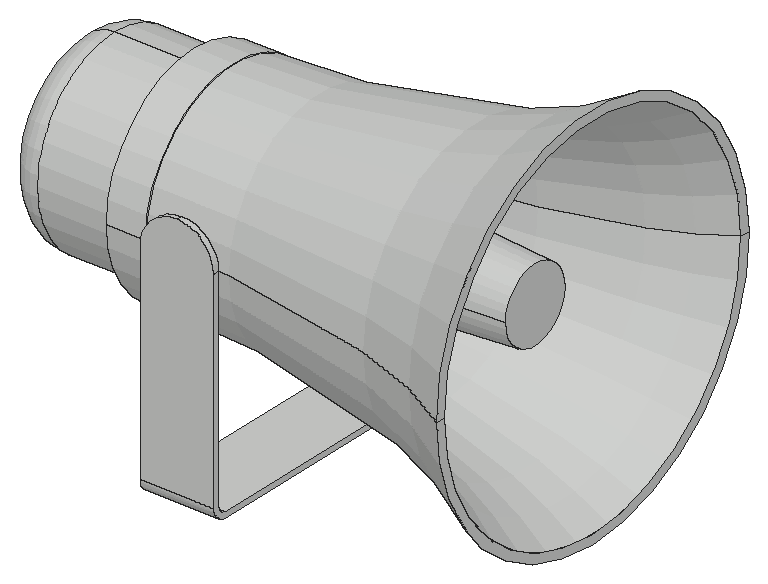
Revit family "FONESTAR_Altavoz_Exponencial_Exterior_EN-54", category Dispositivos de comunicación, Revit 2019
Family settings
  Mantener orientación de anotación = No
  Cota de conector redondo = Diámetro de uso
  Tipo de pieza = Normal
  Se basa en plano de trabajo = Sí
  Siempre vertical = No
  Corte con vacíos al cargar = No
  Compartido = No
  Punto de cálculo de habitación = No
Parameters (values of type "FE-2010T-EN")
  Ángulo.Vertical [instance] = 0.00°
  Version = "R0"  # constant formula
  URL.Product = "https://fonestar.com/es/FE-2010T-EN"
  URL = "https://fonestar.com/es"
  Soporte.Material = Plástico ABS - Gris RAL(7035)
  Soporte.Longitud = Cuerpo.Diámetro.Interior + 2 * Base.Soporte.Espesor  # 124 mm
  Soporte.Anchura = 40 mm
  Soporte.Espesor = 3 mm
  Soporte.Altura = Altura + (Soporte.Anchura / 2)  # 142 mm
  Reviewed by = "TAG"  # constant formula
  Respuesta Acústica = "340-9.000 Hz"
  Rejilla.Espesor = 2 mm
  Protección IP = "IP-66"
  Potencia Acústica = "30 W RMS"
  Peso = "2,1 Kg"
  Origen [instance] = no
  Modified by = "XPV"  # constant formula
  Modelo = "FE-2010T-EN"
  Lente.Espesor = 5 mm
  Fabricante = "FONESTAR"  # constant formula
  Elevación por defecto = 1000 mm
  Longitud = 280 mm
  Diámetro = 212 mm
  Descripción = "Altavoz exponencial EN 54 con transformador de línea 100 V."
  Cuerpo.Material = Plástico ABS - Gris RAL(7035)
  Cuerpo.Espesor = 5 mm
  Cuerpo.Diámetro.Interior = 120 mm
  Cuerpo.Altura.Inferior = 106 mm
  Created by = "XPV"  # constant formula
  Base.Soporte.Espesor = 2 mm
  Author.URL = "https://fonestar.com/es"
  Author = "FONESTAR"  # constant formula
  Altura = 122 mm
Reference planes
  plane 1 "Centro (Frontal/Posterior)": y = 0
  plane 2: z = 0
  plane 3 "Centro (Izquierda/Derecha)": x = 0
  plane 4 "Izquierda": x = -106
  plane 5 "Derecha": x = 174
  plane 6 "Posterior": y = 157.5
  plane 7 "Frontal": y = -157.5
  plane 8 "Superior": z = 122
  plane 9 "Inferior": z = -32
Text (mm)
  text "A3D CONSULTING INTEGRATED BIM SOLUTIONS, S.L.\nCONTRATO DE LICENCIA DE USUARIO FINAL\n\n\nAVISO A LOS USUARIOS: LEA ATENTAMENTE EL SIGUIENTE CONTRATO ANTES DE CONTINUAR. EL USO DEL CONTENIDO BIM EN FORMATO REVIT QUE SE ACOMPAÑA DEL PRESENTE ACUERDO (\"CONTENIDO BIM A3D CONSULTING\") CONSTITUYE SU ACEPTACIÓN DE ESTOS TÉRMINOS. SI USTED NO ESTÁ DE ACUERDO CON LAS CONDICIONES DE ESTE ACUERDO NO ABRA, ACCEDA DIRECTA O INDIRECTAMENTE, MODIFIQUE,  COPIE NI USE EL CONTENIDO BIM A3D CONSULTING, NI TOTAL NI PARCIALMENTE. EL USO DEL CONTENIDO BIM A3D CONSULTING POR PARTE DEL USUARIO ESTÁ CONDICIONADO AL CUMPLIMIENTO POR EL MISMO DE LOS TÉRMINOS DE ESTE ACUERDO.\n\n1.\tDEFINICIONES\nEste contrato de licencia de usuario final para el Contenido BIM A3D Consulting (CLUF) constituye un acuerdo legal entre usted como usuario final (ya sea persona física o entidad legalmente reconocida) (el \"Titular de la licencia\") y A3D CONSULTING INTEGRATED BIM SOLUTIONS, S.L. para el Contenido BIM A3D Consulting que acompaña a este CLUF. El Contenido BIM A3D CONSULTING consiste en uno o varios archivos en formato Autodesk Revit, pudiendo incluir elementos y medios asociados, así como la documentación \"en línea\" o electrónica (\"Contenido BIM A3D Consulting \").\n\n2.\tCONCESIÓN DE LA LICENCIA\nA3D CONSULTING INTEGRATED BIM SOLUTIONS, S.L. le concede una licencia para utilizar y modificar el contenido BIM incluido en una copia de Contenido BIM A3D Consulting.  El \"Titular de la licencia \" designa a la empresa, entidad o persona física, cuyos fondos son utilizados para pagar la cuota de licencia. \"Uso\" designa la copia, el almacenaje, la carga, la instalación o la muestra del Contenido BIM A3D Consulting. En virtud del presente, el Titular de la licencia no puede alquilar, arrendar, ceder, prestar, vender ni sublicenciar el Contenido BIM A3D Consulting a otra persona física, empresa o entidad.\n\n3.\tPROPIEDAD\nA3D CONSULTING INTEGRATED BIM SOLUTIONS, S.L. es el propietario y el titular del copyright del Contenido BIM A3D Consulting. La licencia adquirida no confiere al Titular de la licencia ningún título o propiedad sobre el contenido y no debe interpretarse como una venta de ningún derecho.\n\n4.\tCOPYRIGHT\nEl Contenido BIM A3D Consulting está protegido por las leyes españolas del copyright, las disposiciones de los tratados internacionales y otras leyes aplicables. En virtud del presente, el Titular de la licencia reconoce que no se le transfiere ningún título de la propiedad intelectual de A3D CONSULTING INTEGRATED BIM SOLUTIONS, S.L.. Además, el Titular de la licencia reconoce que el título y todos los derechos de autor sobre el Contenido BIM A3D Consulting seguirán siendo propiedad exclusiva de A3D CONSULTING INTEGRATED BIM SOLUTIONS, S.L. y no adquirirá ningún derecho sobre el Contenido BIM A3D Consulting, a excepción de lo expresamente establecido en esta licencia.\n\n5.\tRESPONSABILIDAD\nEn virtud del presente, el Titular de la licencia acepta que defenderá, indemnizará y eximirá a A3D CONSULTING INTEGRATED BIM SOLUTIONS, S.L. de cualesquiera reclamaciones o responsabilidades derivadas del uso, uso indebido, distribución o ejecución del Contenido BIM A3D Consulting de A3D CONSULTING INTEGRATED BIM SOLUTIONS, S.L., incluyendo las reclamaciones presentadas en contra del Titular de la licencia por el uso de dicho  contenido. Asimismo, el Titular de la licencia acepta eximir de toda responsabilidad y proteger a A3D CONSULTING INTEGRATED BIM SOLUTIONS, S.L. frente a cualquier tipo de demandas civiles, legales o penales. Las cantidades derivadas de dichos procesos, incluyendo resoluciones y costas judiciales, correrán a cargo del Titular de la licencia.\n\n6.\tGARANTÍA\nDurante un periodo de 30 días, a contar a partir de la fecha de entrega del producto, A3D CONSULTING INTEGRATED BIM SOLUTIONS, S.L. garantiza que dicho producto está libre de defectos en los materiales y la mano de obra. En caso de incumplimiento de esta garantía, el Titular de la licencia recibirá como  única compensación el reemplazo del producto. El Contenido BIM A3D Consulting y cualquier documentación relacionada se proporcionan \"tal cual\", sin garantía de ningún tipo, ya sea expresa o implícita, incluyendo, a título enunciativo pero no limitativo, las garantías implícitas o comerciabilidad, la idoneidad para un propósito particular o la inexistencia de infracción. Cualquier riesgo derivado del uso o los resultados del Contenido BIM A3D Consulting correrá a cargo del licenciatario.\n\n7.\tLEGISLACIÓN APLICABLE\nTodos los aspectos del presente Contrato se regirán e interpretarán de conformidad con la legislación vigente en España.\n\n8.\tENMIENDAS\nA3D CONSULTING INTEGRATED BIM SOLUTIONS, S.L. se reserva el derecho de modificar este acuerdo en cualquier momento.\n\n9.\tAPLICABILIDAD\nEn caso de que alguna de las disposiciones de este acuerdo fuera nula o inaplicable, las partes acuerdan que dicha invalidez no afectará a la validez de las disposiciones restantes de este acuerdo.\n\n- FIN DEL CONTRATO DE LICENCIA DE USUARIO FINAL -\nBarcelona / España, 15.02.2015\nA3D CONSULTING INTEGRATED BIM SOLUTIONS, S.L." at (2.016, -2, 0), in view "CLUF"
Dimensions and locks
  "Altura": plane 8 "Superior" to level
  "Altura": nested 3 to level
  aligned and locked: level to plane 2
  aligned and locked: nested 2 to plane 1 "Centro (Frontal/Posterior)"
  aligned and locked: plane 3 "Centro (Izquierda/Derecha)" to nested 2
Nested families
  nested 1: "A3D_Componente_Origen" at (0, 0, 0), Visibilidad <- "Origen", visible <- "Origen", type "Esfera"
    with XYZ.Visibilidad no, Visibilidad no, Material Auxiliary.Clearance, Esfera.Visibilidad no, Diámetro 100 mm, Círculos.Visibilidad no
  nested 2: "A3D_Componente_Soporte_U" at (0, 0, 0) x (0, 1, 0) z (0, 0, 1), Altura <- "Soporte.Altura", Anchura <- "Soporte.Anchura", Espesor <- "Soporte.Espesor", Longitud <- "Soporte.Longitud", Material <- "Soporte.Material", type "Estándar"
    with Visibilidad yes, Redondeo.Superior.Desfase 20 mm, Redondeo.Inferior 5 mm, Origen no, Material Plástico ABS - Gris RAL(7035), Longitud 124 mm, Espesor 3 mm, Anchura 40 mm, Altura 142 mm
  nested 3: "A3D_Componente_Bocina_Variable" at (0, 0, 122) x (0, 1, 0) z (1, 0, 0), Ángulo.ZY <- "Ángulo.Vertical", Altura <- "Longitud", Diámetro <- "Diámetro", Espesor <- "Cuerpo.Espesor", Cuerpo.Altura.Inferior <- "Cuerpo.Altura.Inferior", Cuerpo.Diámetro.Inferior <- "Cuerpo.Diámetro.Interior", Soporte.Base.Espesor <- "Base.Soporte.Espesor", Material <- "Cuerpo.Material", type "Estándar"
    with Ángulos.Personalizados yes, Ángulo.ZY.Control 0.00°, Ángulo.ZY.Cfg 90.00°, Ángulo.ZY 0.00°, Ángulo.XY.Control 90.00°, Ángulo.XY.Bloqueo.Polar no, Ángulo.XY 90.00°, Soporte.Base.Espesor 2 mm, Posición 1, Polar.Ángulo 0.00°, Polar.Distancia 0 mm, Polar no, Material Plástico ABS - Gris RAL(7035), Geometría.Giro 0.00°, Geometría.Desfase.Y 0 mm, Geometría.Desfase.X 0 mm, Espesor 5 mm, Diámetro 212 mm, Desfase.dz.I 0 mm, Desfase.dz.D 0 mm, Desfase.dy.I 0 mm, Desfase.dy.D 0 mm, Desfase.dx.I 0 mm, Desfase.dx.D 0 mm, Desfase.Z 0 mm, Desfase.Y.Control 0 mm, Desfase.Y 0 mm, Desfase.X.Control 0 mm, Desfase.X 0 mm, Cuerpo.Diámetro.Inferior 120 mm, Cuerpo.Altura.Inferior 106 mm, Altura 280 mm
Connectors
  electrical at (0, 0, 0)
    settings: on nested 2, index 1, voltage 0 V, apparent load 0 VA, apparent load phase1 0 VA, apparent load phase2 0 VA, apparent load phase3 0 VA, power factor 1, load classification "Otro", number of poles 1, system type 14, power factor state 1, is connector primary yes, connector utility no, sub classification motor no, connector description ""
Definition of nested family "A3D_Componente_Soporte_U"
  Parameters (values of type "Estándar")
    Visibilidad [instance] = yes
    Version = "R0"  # constant formula
    Reviewed by = ""
    Redondeo.Superior.Desfase [instance] = Anchura / 2  # 25 mm
    Redondeo.Inferior [instance] = 30 mm
    Origen [instance] = yes
    Modified by = ""
    Longitud [instance] = 600 mm
    Espesor [instance] = 3 mm
    Default Elevation = 1000 mm
    Created by = "XPV"  # constant formula
    Author = "A3D Consulting"  # constant formula
    Anchura [instance] = 50 mm
    Altura [instance] = 400 mm
    Material [instance] = none
    Author.URL = "www.a3d.es"
  Reference planes
    plane 1 "Centro (Frontal/Posterior)": y = 0
    plane 2: z = 0
    plane 3 "Centro (Izquierda/Derecha)": x = 0
    plane 4 "Inferior": z = 0
    plane 5 "Superior": z = 400
  Forms (mm)
    Sweep 1, solid, material <- "Material", visible <- "Visibilidad"
      path origin (0, 0, 0) x (1, 0, 0) y (0, 0, 1)
        loop
          line (-300, 400) -> (-300, 33)
          arc (-300, 33) -> (-291.213, 11.787) -> (-270, 3) r 30
          line (-270, 3) -> (270, 3)
          arc (270, 3) -> (291.213, 11.787) -> (300, 33) r 30
          line (300, 33) -> (300, 400)
      profile origin (-300, 0, 216.5) x (0, -1, 0) y (1, 0, 0)
        loop
          line (-25, 0) -> (-25, -3) -> (25, -3) -> (25, 0) -> (-25, 0)
    Sweep 2, void
      path in 3D
        loop
          line (-303, -25, 400) -> (-300, -25, 400)
      profile origin (-301.5, -25, 400) x (0, 1, 0) y (0, 0, 1)
        loop
          line (25, 0) -> (0, 0) -> (0, -25)
          arc (0, -25) -> (7.322, -7.322) -> (25, 0) r 25
    Sweep 3, void
      path in 3D
        loop
          line (-300, 25, 400) -> (-303, 25, 400)
      profile origin (-301.5, 25, 400) x (0, -1, 0) y (0, 0, 1)
        loop
          line (0, 0) -> (0, -25)
          arc (0, -25) -> (7.322, -7.322) -> (25, 0) r 25
          line (25, 0) -> (0, 0)
    Sweep 4, void
      path in 3D
        loop
          line (300, -25, 400) -> (303, -25, 400)
      profile origin (301.5, -25, 400) x (0, 1, 0) y (0, 0, 1)
        loop
          line (0, 0) -> (0, -25)
          arc (0, -25) -> (7.322, -7.322) -> (25, 0) r 25
          line (25, 0) -> (0, 0)
    Sweep 5, void
      path in 3D
        loop
          line (303, 25, 400) -> (300, 25, 400)
      profile origin (301.5, 25, 400) x (0, -1, 0) y (0, 0, 1)
        loop
          line (0, 0) -> (0, -25)
          arc (0, -25) -> (7.322, -7.322) -> (25, 0) r 25
          line (25, 0) -> (0, 0)
  Cuts and joins
    Sweep 2, Sweep 3, Sweep 4, Sweep 5 cuts Sweep 1
  Lines and regions (mm)
    sketch lines
      curve 1: line (-303, -25, 400) -> (-300, -25, 400)
      curve 2: line (-300, 25, 400) -> (-303, 25, 400)
      curve 3: line (300, -25, 400) -> (303, -25, 400)
      curve 4: line (303, 25, 400) -> (300, 25, 400)
  Dimensions and locks
    "Altura": plane 5 "Superior" to plane 4 "Inferior"
    equal spacing: Sweep 1 sketch curve, plane 3 "Centro (Izquierda/Derecha)", Sweep 1 sketch curve
    "Longitud": Sweep 1 sketch curve to Sweep 1 sketch curve
    equal spacing: Sweep 1 sketch curve, profile plane, Sweep 1 sketch curve
    "Anchura": Sweep 1 sketch curve to Sweep 1 sketch curve
    "Espesor": Sweep 1 sketch curve to profile plane
    "Espesor": Sweep 1 sketch curve to level
    "Redondeo.Superior.Desfase": profile plane to Sweep 3 sketch curve  (x2)
    "Redondeo.Superior.Desfase": profile plane to Sweep 2 sketch curve  (x2)
    "Redondeo.Superior.Desfase": profile plane to Sweep 4 sketch curve  (x2)
    "Redondeo.Superior.Desfase": profile plane to Sweep 5 sketch curve  (x2)
    "Redondeo.Inferior": radius of Sweep 1 sketch curve  (x2)
    aligned and locked: level to plane 2
    aligned and locked: plane 5 "Superior" to Sweep 1 sketch curve  (x2)
    aligned and locked: profile plane to Sweep 1 sketch curve
  Automatic sketch dimensions
    Sweep 2 sketch curve to profile plane = 0 mm
    Sweep 3 sketch curve to profile plane = 0 mm
    Sweep 4 sketch curve to profile plane = 0 mm
    Sweep 5 sketch curve to profile plane = 0 mm
  Nested families
    nested 1: "A3D_Componente_Origen" at (0, 0, 0), Visibilidad <- "Origen", visible <- "Origen", type "Esfera"
      with Visibilidad.XYZ.Control no, Visibilidad.Esfera.Control yes, Visibilidad.Círculos.Control no, Visibilidad yes, Material none, Diámetro 100 mm
  Definition of nested family "A3D_Componente_Origen"
    Parameters (values of type "Esfera")
      Visibilidad.XYZ.Control [instance] = and(Visibilidad, XYZ)  # no
      Visibilidad.Esfera.Control [instance] = and(Visibilidad, Esfera)  # yes
      Visibilidad.Círculos.Control [instance] = and(Visibilidad, Círculos)  # no
      Visibilidad [instance] = yes
      Version = "R1"  # constant formula
      Reviewed by = "RGH"  # constant formula
      XYZ = no
      Esfera = yes
      Círculos = no
      Modified by = "RGH"  # constant formula
      Diámetro [instance] = 100 mm
      Default Elevation = 1000 mm
      Created by = "RLM"  # constant formula
      Material [instance] = none
      Autor.URL = "www.a3d.es"
      Autor = "A3D Consulting"  # constant formula
    Types (3, lengths in mm): name | Visibilidad.XYZ.Control | Visibilidad.Esfera.Control | Visibilidad.Círculos.Control | XYZ | Esfera | Círculos
      Círculos | no | no | yes | no | no | yes
      Esfera | no | yes | no | no | yes | no
      XYZ | yes | no | no | yes | no | no
    Reference planes
      plane 1 "Centro (Frontal/Posterior)": y = 0
      plane 2: z = 0
      plane 3 "Centro (Izquierda/Derecha)": x = 0
    Forms (mm)
      Revolve 1, solid, material <- "Material", visible <- "Visibilidad.Esfera.Control"
        sketch origin (0, 0, 0) x (1, 0, 0) y (0, 1, 0)
          loop
            arc (0, 50) -> (-50, 0) -> (0, -50) r 50
            line (0, -50) -> (0, 50)
          axis (0, 50) -> (0, -50)
        angle from 0 to 360
    Lines and regions (mm)
      model lines, visible <- "Visibilidad.XYZ.Control"
        curve 1: line (0, 0, 0) -> (100, 0, 0)
        curve 2: line (0, 0, 0) -> (0, 100, 0)
        curve 3: line (0, 0, 0) -> (0, 0, 100)
      model lines, visible <- "Visibilidad.Círculos.Control"
        curve 4: circle (0, 0, 0) r 50 normal (0, 0, 1)
        curve 5: circle (0, 0, 0) r 50 normal (0, -1, 0)
        curve 6: circle (0, 0, 0) r 50 normal (1, 0, 0)
    Dimensions and locks
      "Diámetro": plane 1 "Centro (Frontal/Posterior)" to curve 2
      "Diámetro": plane 3 "Centro (Izquierda/Derecha)" to curve 1
      "Diámetro": curve 3 to level
      "Diámetro": diameter of Revolve 1 sketch curve
      "Diámetro": diameter of curve 4
      "Diámetro": diameter of curve 5
      "Diámetro": diameter of curve 6
      aligned and locked: level to plane 2
    Automatic sketch dimensions
      curve 6 to level = 0 mm
      curve 6 to plane 1 "Centro (Frontal/Posterior)" = 0 mm
      curve 3 to plane 3 "Centro (Izquierda/Derecha)" = 0 mm
      curve 5 to level = 0 mm
      curve 5 to plane 3 "Centro (Izquierda/Derecha)" = 0 mm
      curve 3 to level = 0 mm
      plane 1 "Centro (Frontal/Posterior)" to curve 4 = 0 mm
      curve 4 to plane 3 "Centro (Izquierda/Derecha)" = 0 mm
      plane 1 "Centro (Frontal/Posterior)" to curve 2 = 0 mm
      curve 2 to plane 3 "Centro (Izquierda/Derecha)" = 0 mm
      Revolve 1 sketch curve to plane 3 "Centro (Izquierda/Derecha)" = 0 mm  (x2)
      plane 1 "Centro (Frontal/Posterior)" to Revolve 1 sketch curve = 0 mm
      Revolve 1 sketch curve to Revolve 1 sketch curve = 3.125 mm  (x2)
Definition of nested family "A3D_Componente_Bocina_Variable"
  Parameters (values of type "Estándar")
    Ángulos.Personalizados [instance] = yes
    Ángulo.ZY.Control [instance] = if(Ángulos.Personalizados, Ángulo.ZY, if(or(Posición = 2, Posición = 3, Posición = 4, Posición = 5), -90.00°, if(Posición = 1, 0.00°, 180.00°)))  # -30.00°
    Ángulo.ZY [instance] = -30.00°
    Ángulo.XY.Control [instance] = if(Ángulos.Personalizados, if(Ángulo.XY.Bloqueo.Polar, Polar.Ángulo, Ángulo.XY), if(or(Posición = 1, Posición = 2, Posición = 6), 0.00°, if(Posición = 3, -90.00°, if(Posición = 4, 90.00°, 180.00°))))  # 0.00°
    Ángulo.XY [instance] = 0.00°
    Ángulo.ZY.Cfg [instance] = Ángulo.ZY.Control + 90.00°  # 60.00°
    Ángulo.XY.Bloqueo.Polar [instance] = no
    Version = "L3.00"  # constant formula
    Soporte.Base.Espesor [instance] = 5 mm
    Reviewed by = "XXX"  # constant formula
    Posición [instance] = 1
    Polar.Ángulo [instance] = 0.00°
    Polar [instance] = no
    Polar.Distancia [instance] = 0 mm
    Modified by = "XXX"  # constant formula
    Geometría.Giro [instance] = 0.00°
    Geometría.Desfase.Y [instance] = 0 mm
    Geometría.Desfase.X [instance] = 0 mm
    Espesor [instance] = 3 mm
    Diámetro [instance] = 212 mm
    Desfase.dz.I [instance] = if(Desfase.Z < 0 mm, -1 * Desfase.Z, 0 mm)  # 0 mm
    Desfase.dz.D [instance] = if(Desfase.Z < 0 mm, 0 mm, if(Desfase.Z = 0 mm, 0 mm, Desfase.Z))  # 0 mm
    Desfase.dy.I [instance] = if(Desfase.Y.Control < 0 mm, -1 * Desfase.Y.Control, 0 mm)  # 0 mm
    Desfase.dy.D [instance] = if(Desfase.Y.Control < 0 mm, 0 mm, if(Desfase.Y.Control = 0 mm, 0 mm, Desfase.Y.Control))  # 0 mm
    Desfase.dx.I [instance] = if(Desfase.X.Control < 0 mm, -1 * Desfase.X.Control, 0 mm)  # 0 mm
    Desfase.dx.D [instance] = if(Desfase.X.Control < 0 mm, 0 mm, if(Desfase.X.Control = 0 mm, 0 mm, Desfase.X.Control))  # 0 mm
    Desfase.Z [instance] = 0 mm
    Desfase.Y.Control [instance] = if(Polar, Polar.Distancia * sin(Polar.Ángulo), Desfase.Y)  # 0 mm
    Desfase.Y [instance] = 0 mm
    Desfase.X.Control [instance] = if(Polar, Polar.Distancia * cos(Polar.Ángulo), Desfase.X)  # 0 mm
    Desfase.X [instance] = 0 mm
    Material [instance] = none
    Default Elevation = 1000 mm
    Cuerpo.Diámetro.Inferior [instance] = 120 mm
    Cuerpo.Altura.Inferior [instance] = 106 mm
    Created by = "XXX"  # constant formula
    Autor.URL = "www.a3d.es"
    Autor = "A3D Consulting"  # constant formula
    Altura [instance] = 280 mm
  Reference planes
    plane 1 "Centro (Frontal/Posterior)": y = 0
    plane 2: z = 0
    plane 3 "Centro (Izquierda/Derecha)": x = 0
    plane 4 "Geometría.X": x = 0
    plane 5 "Geometría.Y": y = 0
    plane 6 "Desfase.dx.I": x = 0
    plane 7 "Desfase.dy.I": y = 0
    plane 8 "Geometría.Z": z = 0
    plane 9 "Desfase.dz.I": z = 0
  Lines and regions (mm)
    reference lines, not visible
      curve 1: line (0, 0, 0) -> (-200, 0, 0)
      curve 2: line (0, 0, 0) -> (-10, 0, -17.321)
      curve 3: line (0, 0, 0) -> (0, 0, -55)
  Text (mm)
    text "A3D CONSULTING INTEGRATED BIM SOLUTIONS, S.L.\nCONTRATO DE LICENCIA DE USUARIO FINAL\n\n\nAVISO A LOS USUARIOS: LEA ATENTAMENTE EL SIGUIENTE CONTRATO ANTES DE CONTINUAR. EL USO DEL CONTENIDO BIM EN FORMATO REVIT QUE SE ACOMPAÑA DEL PRESENTE ACUERDO (\"CONTENIDO BIM A3D CONSULTING\") CONSTITUYE SU ACEPTACIÓN DE ESTOS TÉRMINOS. SI USTED NO ESTÁ DE ACUERDO CON LAS CONDICIONES DE ESTE ACUERDO NO ABRA, ACCEDA DIRECTA O INDIRECTAMENTE, MODIFIQUE,  COPIE NI USE EL CONTENIDO BIM A3D CONSULTING, NI TOTAL NI PARCIALMENTE. EL USO DEL CONTENIDO BIM A3D CONSULTING POR PARTE DEL USUARIO ESTÁ CONDICIONADO AL CUMPLIMIENTO POR EL MISMO DE LOS TÉRMINOS DE ESTE ACUERDO.\n\n1.\tDEFINICIONES\nEste contrato de licencia de usuario final para el Contenido BIM A3D Consulting (CLUF) constituye un acuerdo legal entre usted como usuario final (ya sea persona física o entidad legalmente reconocida) (el \"Titular de la licencia\") y A3D CONSULTING INTEGRATED BIM SOLUTIONS, S.L. para el Contenido BIM A3D Consulting que acompaña a este CLUF. El Contenido BIM A3D CONSULTING consiste en uno o varios archivos en formato Autodesk Revit, pudiendo incluir elementos y medios asociados, así como la documentación \"en línea\" o electrónica (\"Contenido BIM A3D Consulting \").\n\n2.\tCONCESIÓN DE LA LICENCIA\nA3D CONSULTING INTEGRATED BIM SOLUTIONS, S.L. le concede una licencia para utilizar y modificar el contenido BIM incluido en una copia de Contenido BIM A3D Consulting.  El \"Titular de la licencia \" designa a la empresa, entidad o persona física, cuyos fondos son utilizados para pagar la cuota de licencia. \"Uso\" designa la copia, el almacenaje, la carga, la instalación o la muestra del Contenido BIM A3D Consulting. En virtud del presente, el Titular de la licencia no puede alquilar, arrendar, ceder, prestar, vender ni sublicenciar el Contenido BIM A3D Consulting a otra persona física, empresa o entidad.\n\n3.\tPROPIEDAD\nA3D CONSULTING INTEGRATED BIM SOLUTIONS, S.L. es el propietario y el titular del copyright del Contenido BIM A3D Consulting. La licencia adquirida no confiere al Titular de la licencia ningún título o propiedad sobre el contenido y no debe interpretarse como una venta de ningún derecho.\n\n4.\tCOPYRIGHT\nEl Contenido BIM A3D Consulting está protegido por las leyes españolas del copyright, las disposiciones de los tratados internacionales y otras leyes aplicables. En virtud del presente, el Titular de la licencia reconoce que no se le transfiere ningún título de la propiedad intelectual de A3D CONSULTING INTEGRATED BIM SOLUTIONS, S.L.. Además, el Titular de la licencia reconoce que el título y todos los derechos de autor sobre el Contenido BIM A3D Consulting seguirán siendo propiedad exclusiva de A3D CONSULTING INTEGRATED BIM SOLUTIONS, S.L. y no adquirirá ningún derecho sobre el Contenido BIM A3D Consulting, a excepción de lo expresamente establecido en esta licencia.\n\n5.\tRESPONSABILIDAD\nEn virtud del presente, el Titular de la licencia acepta que defenderá, indemnizará y eximirá a A3D CONSULTING INTEGRATED BIM SOLUTIONS, S.L. de cualesquiera reclamaciones o responsabilidades derivadas del uso, uso indebido, distribución o ejecución del Contenido BIM A3D Consulting de A3D CONSULTING INTEGRATED BIM SOLUTIONS, S.L., incluyendo las reclamaciones presentadas en contra del Titular de la licencia por el uso de dicho  contenido. Asimismo, el Titular de la licencia acepta eximir de toda responsabilidad y proteger a A3D CONSULTING INTEGRATED BIM SOLUTIONS, S.L. frente a cualquier tipo de demandas civiles, legales o penales. Las cantidades derivadas de dichos procesos, incluyendo resoluciones y costas judiciales, correrán a cargo del Titular de la licencia.\n\n6.\tGARANTÍA\nDurante un periodo de 30 días, a contar a partir de la fecha de entrega del producto, A3D CONSULTING INTEGRATED BIM SOLUTIONS, S.L. garantiza que dicho producto está libre de defectos en los materiales y la mano de obra. En caso de incumplimiento de esta garantía, el Titular de la licencia recibirá como  única compensación el reemplazo del producto. El Contenido BIM A3D Consulting y cualquier documentación relacionada se proporcionan \"tal cual\", sin garantía de ningún tipo, ya sea expresa o implícita, incluyendo, a título enunciativo pero no limitativo, las garantías implícitas o comerciabilidad, la idoneidad para un propósito particular o la inexistencia de infracción. Cualquier riesgo derivado del uso o los resultados del Contenido BIM A3D Consulting correrá a cargo del licenciatario.\n\n7.\tLEGISLACIÓN APLICABLE\nTodos los aspectos del presente Contrato se regirán e interpretarán de conformidad con la legislación vigente en España.\n\n8.\tENMIENDAS\nA3D CONSULTING INTEGRATED BIM SOLUTIONS, S.L. se reserva el derecho de modificar este acuerdo en cualquier momento.\n\n9.\tAPLICABILIDAD\nEn caso de que alguna de las disposiciones de este acuerdo fuera nula o inaplicable, las partes acuerdan que dicha invalidez no afectará a la validez de las disposiciones restantes de este acuerdo.\n\n- FIN DEL CONTRATO DE LICENCIA DE USUARIO FINAL -\nBarcelona / España, 15.02.2015\nA3D CONSULTING INTEGRATED BIM SOLUTIONS, S.L." at (2.016, -2, 0), in view "CLUF"
  Dimensions and locks
    "Desfase.dx.I": plane 6 "Desfase.dx.I" to plane 3 "Centro (Izquierda/Derecha)"
    "Desfase.dx.D": plane 6 "Desfase.dx.I" to plane 4 "Geometría.X"
    "Desfase.dy.I": plane 7 "Desfase.dy.I" to plane 1 "Centro (Frontal/Posterior)"
    "Desfase.dy.D": plane 7 "Desfase.dy.I" to plane 5 "Geometría.Y"
    "Desfase.dz.I": level to plane 9 "Desfase.dz.I"
    "Desfase.dz.D": plane 8 "Geometría.Z" to plane 9 "Desfase.dz.I"
    locked: curve 1 to curve 1 at 200
    locked: curve 3 to curve 1 at 200
    "Ángulo.XY.Control": angle plane 5 "Geometría.Y" to curve 1
    "Ángulo.ZY.Cfg": angle curve 2 to curve 1
    aligned and locked: level to plane 2
    aligned and locked: plane 4 "Geometría.X" to curve 1
    aligned and locked: plane 5 "Geometría.Y" to curve 1
    aligned and locked: curve 2 to curve 1
  Automatic sketch dimensions
    curve 3 to curve 1 = 55 mm
  Nested families
    nested 1: "A3D_Geometría_Posicionador" at (0, 0, 0) x (0, 1, 0) z (0.5, 0, 0.866), Desfase.X <- "Geometría.Desfase.X", Desfase.Y <- "Geometría.Desfase.Y", Giro <- "Geometría.Giro", type "Estándar", not visible
      with Visibilidad yes, Porfundidad 300 mm, Polar.Ángulo 0.00°, Polar.Distancia 0 mm, Polar no, Material none, Longitud 80 mm, Giro 0.00°, Desfase.dz.I 0 mm, Desfase.dz.D 0 mm, Desfase.dy.I 0 mm, Desfase.dy.D 0 mm, Desfase.dx.I 0 mm, Desfase.dx.D 0 mm, Desfase.Z 0 mm, Desfase.Y.Control 0 mm, Desfase.Y 0 mm, Desfase.X.Control 0 mm, Desfase.X 0 mm, Anchura 40 mm
    nested 2: "A3D_Componente_Bocina_M02" at (0, 0, 0) x (0, 1, 0) z (0.5, 0, 0.866), Material <- "Material", Altura <- "Altura", Diámetro <- "Diámetro", Espesor <- "Espesor", Altura.Inferior <- "Cuerpo.Altura.Inferior", Diámetro.Inferior <- "Cuerpo.Diámetro.Inferior", Soporte.Base.Espesor <- "Soporte.Base.Espesor", type "Estándar"
      with Visibilidad yes, Soporte.Base.Longitud 20 mm, Soporte.Base.Espesor 5 mm, Soporte.Base.Anchura 30 mm, Origen no, Material none, Espesor 3 mm, Diámetro.Inferior 120 mm, Diámetro 212 mm, Cuerpo.Redondeo 20 mm, Cuerpo.Diámetro 111 mm, Cono.Díametro.Superior 40 mm, Cono.Diámetro.Inferior 60 mm, Cono.Altura 168 mm, Altura.Inferior 106 mm, Altura 280 mm
  Definition of nested family "A3D_Geometría_Posicionador"
    Parameters (values of type "Estándar")
      Visibilidad [instance] = yes
      Polar.Ángulo [instance] = 0.00°
      Polar [instance] = no
      Giro [instance] = 0.00°
      Porfundidad [instance] = 300 mm
      Longitud [instance] = 80 mm
      Polar.Distancia [instance] = 0 mm
      Desfase.dz.I [instance] = if(Desfase.Z < 0 mm, -1 * Desfase.Z, 0 mm)  # 0 mm
      Desfase.dz.D [instance] = if(Desfase.Z < 0 mm, 0 mm, if(Desfase.Z = 0 mm, 0 mm, Desfase.Z))  # 0 mm
      Desfase.dy.I [instance] = if(Desfase.Y.Control < 0 mm, -1 * Desfase.Y.Control, 0 mm)  # 0 mm
      Desfase.dy.D [instance] = if(Desfase.Y.Control < 0 mm, 0 mm, if(Desfase.Y.Control = 0 mm, 0 mm, Desfase.Y.Control))  # 0 mm
      Desfase.dx.I [instance] = if(Desfase.X.Control < 0 mm, -1 * Desfase.X.Control, 0 mm)  # 0 mm
      Desfase.dx.D [instance] = if(Desfase.X.Control < 0 mm, 0 mm, if(Desfase.X.Control = 0 mm, 0 mm, Desfase.X.Control))  # 0 mm
      Versión = "2.00"  # constant formula
      Desfase.Z [instance] = 0 mm
      Desfase.Y.Control [instance] = if(Polar, Polar.Distancia * sin(Polar.Ángulo), Desfase.Y)  # 0 mm
      Desfase.Y [instance] = 0 mm
      Desfase.X.Control [instance] = if(Polar, Polar.Distancia * cos(Polar.Ángulo), Desfase.X)  # 0 mm
      Desfase.X [instance] = 0 mm
      Material [instance] = none
      Default Elevation = 1219.2 mm
      Autor.URL = "www.a3d.es"
      Autor = "A3D Consulting"  # constant formula
      Anchura [instance] = 40 mm
    Reference planes
      plane 1 "Centro (Frontal/Posterior)": y = 0
      plane 2: z = 0
      plane 3 "Centro (Izquierda/Derecha)": x = 0
      plane 4 "Geometría.X": x = 0
      plane 5 "Geometría.Y": y = 0
      plane 6 "Desfase.dx.I": x = 0
      plane 7 "Desfase.dy.I": y = 0
      plane 8 "Geometría.Z": z = 0
      plane 9 "Desfase.dz.I": z = 0
    Forms (mm)
      Extrusion 1, solid, visible <- "Visibilidad"
        sketch origin (0, 0, 0) x (1, 0, 0) y (0, 1, 0)
          loop
            circle (0, 0) r 5
        from 0 to 5
    Lines and regions (mm)
      reference lines, not visible
        curve 1: line (0, 0, 0) -> (200, 0, 0)
        curve 2: line (0, 0, 0) -> (0, 100, 0)
        curve 3: line (0, 0, 0) -> (0, 0, 100)
    Text (mm)
      text "A3D CONSULTING INTEGRATED BIM SOLUTIONS, S.L.\nCONTRATO DE LICENCIA DE USUARIO FINAL\n\n\nAVISO A LOS USUARIOS: LEA ATENTAMENTE EL SIGUIENTE CONTRATO ANTES DE CONTINUAR. EL USO DEL CONTENIDO BIM EN FORMATO REVIT QUE SE ACOMPAÑA DEL PRESENTE ACUERDO (\"CONTENIDO BIM A3D CONSULTING\") CONSTITUYE SU ACEPTACIÓN DE ESTOS TÉRMINOS. SI USTED NO ESTÁ DE ACUERDO CON LAS CONDICIONES DE ESTE ACUERDO NO ABRA, ACCEDA DIRECTA O INDIRECTAMENTE, MODIFIQUE,  COPIE NI USE EL CONTENIDO BIM A3D CONSULTING, NI TOTAL NI PARCIALMENTE. EL USO DEL CONTENIDO BIM A3D CONSULTING POR PARTE DEL USUARIO ESTÁ CONDICIONADO AL CUMPLIMIENTO POR EL MISMO DE LOS TÉRMINOS DE ESTE ACUERDO.\n\n1.\tDEFINICIONES\nEste contrato de licencia de usuario final para el Contenido BIM A3D Consulting (CLUF) constituye un acuerdo legal entre usted como usuario final (ya sea persona física o entidad legalmente reconocida) (el \"Titular de la licencia\") y A3D CONSULTING INTEGRATED BIM SOLUTIONS, S.L. para el Contenido BIM A3D Consulting que acompaña a este CLUF. El Contenido BIM A3D CONSULTING consiste en uno o varios archivos en formato Autodesk Revit, pudiendo incluir elementos y medios asociados, así como la documentación \"en línea\" o electrónica (\"Contenido BIM A3D Consulting \").\n\n2.\tCONCESIÓN DE LA LICENCIA\nA3D CONSULTING INTEGRATED BIM SOLUTIONS, S.L. le concede una licencia para utilizar y modificar el contenido BIM incluido en una copia de Contenido BIM A3D Consulting.  El \"Titular de la licencia \" designa a la empresa, entidad o persona física, cuyos fondos son utilizados para pagar la cuota de licencia. \"Uso\" designa la copia, el almacenaje, la carga, la instalación o la muestra del Contenido BIM A3D Consulting. En virtud del presente, el Titular de la licencia no puede alquilar, arrendar, ceder, prestar, vender ni sublicenciar el Contenido BIM A3D Consulting a otra persona física, empresa o entidad.\n\n3.\tPROPIEDAD\nA3D CONSULTING INTEGRATED BIM SOLUTIONS, S.L. es el propietario y el titular del copyright del Contenido BIM A3D Consulting. La licencia adquirida no confiere al Titular de la licencia ningún título o propiedad sobre el contenido y no debe interpretarse como una venta de ningún derecho.\n\n4.\tCOPYRIGHT\nEl Contenido BIM A3D Consulting está protegido por las leyes españolas del copyright, las disposiciones de los tratados internacionales y otras leyes aplicables. En virtud del presente, el Titular de la licencia reconoce que no se le transfiere ningún título de la propiedad intelectual de A3D CONSULTING INTEGRATED BIM SOLUTIONS, S.L.. Además, el Titular de la licencia reconoce que el título y todos los derechos de autor sobre el Contenido BIM A3D Consulting seguirán siendo propiedad exclusiva de A3D CONSULTING INTEGRATED BIM SOLUTIONS, S.L. y no adquirirá ningún derecho sobre el Contenido BIM A3D Consulting, a excepción de lo expresamente establecido en esta licencia.\n\n5.\tRESPONSABILIDAD\nEn virtud del presente, el Titular de la licencia acepta que defenderá, indemnizará y eximirá a A3D CONSULTING INTEGRATED BIM SOLUTIONS, S.L. de cualesquiera reclamaciones o responsabilidades derivadas del uso, uso indebido, distribución o ejecución del Contenido BIM A3D Consulting de A3D CONSULTING INTEGRATED BIM SOLUTIONS, S.L., incluyendo las reclamaciones presentadas en contra del Titular de la licencia por el uso de dicho  contenido. Asimismo, el Titular de la licencia acepta eximir de toda responsabilidad y proteger a A3D CONSULTING INTEGRATED BIM SOLUTIONS, S.L. frente a cualquier tipo de demandas civiles, legales o penales. Las cantidades derivadas de dichos procesos, incluyendo resoluciones y costas judiciales, correrán a cargo del Titular de la licencia.\n\n6.\tGARANTÍA\nDurante un periodo de 30 días, a contar a partir de la fecha de entrega del producto, A3D CONSULTING INTEGRATED BIM SOLUTIONS, S.L. garantiza que dicho producto está libre de defectos en los materiales y la mano de obra. En caso de incumplimiento de esta garantía, el Titular de la licencia recibirá como  única compensación el reemplazo del producto. El Contenido BIM A3D Consulting y cualquier documentación relacionada se proporcionan \"tal cual\", sin garantía de ningún tipo, ya sea expresa o implícita, incluyendo, a título enunciativo pero no limitativo, las garantías implícitas o comerciabilidad, la idoneidad para un propósito particular o la inexistencia de infracción. Cualquier riesgo derivado del uso o los resultados del Contenido BIM A3D Consulting correrá a cargo del licenciatario.\n\n7.\tLEGISLACIÓN APLICABLE\nTodos los aspectos del presente Contrato se regirán e interpretarán de conformidad con la legislación vigente en España.\n\n8.\tENMIENDAS\nA3D CONSULTING INTEGRATED BIM SOLUTIONS, S.L. se reserva el derecho de modificar este acuerdo en cualquier momento.\n\n9.\tAPLICABILIDAD\nEn caso de que alguna de las disposiciones de este acuerdo fuera nula o inaplicable, las partes acuerdan que dicha invalidez no afectará a la validez de las disposiciones restantes de este acuerdo.\n\n- FIN DEL CONTRATO DE LICENCIA DE USUARIO FINAL -\nBarcelona / España, 15.02.2015\nA3D CONSULTING INTEGRATED BIM SOLUTIONS, S.L." at (2.016, -2, 0), in view "CLUF"
    Dimensions and locks
      "Desfase.dx.I": plane 6 "Desfase.dx.I" to plane 3 "Centro (Izquierda/Derecha)"
      "Desfase.dx.D": plane 6 "Desfase.dx.I" to plane 4 "Geometría.X"
      "Desfase.dy.I": plane 7 "Desfase.dy.I" to plane 1 "Centro (Frontal/Posterior)"
      "Desfase.dy.D": plane 7 "Desfase.dy.I" to plane 5 "Geometría.Y"
      "Desfase.dz.I": level to plane 9 "Desfase.dz.I"
      "Desfase.dz.D": plane 8 "Geometría.Z" to plane 9 "Desfase.dz.I"
      "Giro": angle plane 5 "Geometría.Y" to curve 1
      aligned and locked: level to plane 2
      aligned and locked: plane 4 "Geometría.X" to curve 1
      aligned and locked: plane 5 "Geometría.Y" to curve 1
    Automatic sketch dimensions
      curve 2 to curve 1 = 0 mm  (x2)
      curve 1 to curve 2 = 100 mm
      curve 3 to curve 1 = 0 mm  (x2)
      curve 1 to curve 3 = 100 mm
      Extrusion 1 sketch curve to curve 1 = 0 mm  (x2)
      radius of Extrusion 1 sketch curve = 5 mm
  Definition of nested family "A3D_Componente_Bocina_M02"
    Parameters (values of type "Estándar")
      Visibilidad [instance] = yes
      Version = "R0"  # constant formula
      Soporte.Base.Longitud [instance] = 20 mm
      Soporte.Base.Espesor [instance] = 5 mm
      Soporte.Base.Anchura [instance] = 30 mm
      Reviewed by = ""
      Cuerpo.Redondeo [instance] = 20 mm
      Origen [instance] = no
      Modified by = ""
      Espesor [instance] = 3 mm
      Diámetro.Inferior [instance] = 120 mm
      Diámetro [instance] = 212 mm
      Default Elevation = 1000 mm
      Cuerpo.Diámetro [instance] = Diámetro.Inferior - 3 * Espesor  # 111 mm
      Created by = "XPV"  # constant formula
      Cono.Díametro.Superior [instance] = Diámetro.Inferior / 3  # 40 mm
      Cono.Diámetro.Inferior [instance] = Diámetro.Inferior / 2  # 60 mm
      Cono.Altura [instance] = Altura - Altura.Inferior - 2 * Espesor  # 168 mm
      Author = "A3D Consulting"  # constant formula
      Altura.Inferior [instance] = 106 mm
      Altura [instance] = 280 mm
      Material [instance] = none
      Autor.URL = "www.a3d.es"
    Reference planes
      plane 1 "Centro (Frontal/Posterior)": y = 0
      plane 2: z = 0
      plane 3 "Centro (Izquierda/Derecha)": x = 0
      plane 4 "Superior": z = 174
      plane 5 "Inferior": z = -21.2
      plane 6: x = -106
      plane 7: x = 106
      plane 8: x = -60
      plane 9: x = 60
      plane 10 "C.dy.M": z = -42.4
      plane 11 "C.dy.N": z = -63.6
      plane 12 "C.dy.O": z = -84.8
      plane 13 "C.dy.P": z = -106
      plane 14: x = -60
      plane 15: x = 60
      plane 16: x = -106
      plane 17: x = 106
      plane 18: x = -60
      plane 19: x = 60
    Forms (mm)
      Revolve 1, solid, material <- "Material"
        sketch origin (0, 0, -125) x (1, 0, 0) y (0, 0, 1)
          loop
            spline (-106, 299) -> (-99.199, 288.404) -> (-92.828, 276.418) -> (-86.922, 263.13) -> (-81.518, 248.635) -> (-76.654, 233.04) -> (-72.365, 216.457) -> (-68.676, 199.019) -> (-65.611, 180.863) -> (-63.191, 162.123) -> (-61.442, 142.936) -> (-60.376, 123.444) -> (-60, 103.8)
            line (-60, 103.8) -> (-57, 103.8)
            spline (-57, 103.8) -> (-57.361, 123.364) -> (-58.408, 142.78) -> (-60.134, 161.901) -> (-62.528, 180.584) -> (-65.571, 198.692) -> (-69.242, 216.094) -> (-73.518, 232.658) -> (-78.372, 248.266) -> (-83.774, 262.805) -> (-89.697, 276.164) -> (-96.114, 288.257) -> (-103, 299)
            line (-103, 299) -> (-106, 299)
          axis (0, 299) -> (0, 103.8)
        angle from 0 to 360
      Sweep 2, solid, material <- "Material"
        path origin (0, 0, -125) x (1, 0, 0) y (0, 0, 1)
          loop
            line (0, 82.6) -> (0, 103.8)
        profile origin (0, 0, -31.8) x (-1, 0, 0) y (0, -1, 0)
          loop
            circle (0, 0) r 60
      Sweep 3, solid, material <- "Material"
        path origin (0, 0, -125) x (1, 0, 0) y (0, 0, 1)
          loop
            line (0, 82.6) -> (0, 19)
        profile origin (0, 0, -74.2) x (0, -1, 0) y (1, 0, 0)
          loop
            circle (0, 0) r 55.5
      SweptBlend 4, solid, material <- "Material"
        path origin (0, 0, -125) x (1, 0, 0) y (0, 0, 1)
          loop
            line (0, 103.8) -> (0, 271.8)
        profile origin (0, 0, -21.2) x (-1, 0, 0) y (0, -1, 0)
          loop
            circle (0, 0) r 30
        end profile origin (0, 0, 146.8) x (-1, 0, 0) y (0, -1, 0)
          loop
            circle (0, 0) r 20
      Sweep 5, void
        path in 3D
          loop
            arc (0, -55.5, -106) -> (55.5, 0, -106) -> (0, 55.5, -106) r 55.5
            arc (0, 55.5, -106) -> (-55.5, 0, -106) -> (0, -55.5, -106) r 55.5
        profile origin (-55.5, 0, -106) x (-1, 0, 0) y (0, 0, -1)
          loop
            line (0, 0) -> (-20, 0)
            arc (-20, 0) -> (-5.858, -5.858) -> (0, -20) r 20
            line (0, -20) -> (0, 0)
      Extrusion 6, solid, material <- "Material"
        sketch origin (0, 0, 0) x (1, 0, 0) y (0, 0, 1)
          loop
            line (65, 15) -> (-65, 15) -> (-65, -15) -> (65, -15) -> (65, 15)
        from -10 to 10
      Revolve 7, void
        sketch origin (245, 0, -125) x (1, 0, 0) y (0, 0, 1)
          loop
            spline (-351, 299) -> (-344.199, 288.404) -> (-337.828, 276.418) -> (-331.922, 263.13) -> (-326.518, 248.635) -> (-321.654, 233.04) -> (-317.365, 216.457) -> (-313.676, 199.019) -> (-310.611, 180.863) -> (-308.191, 162.123) -> (-306.442, 142.936) -> (-305.376, 123.444) -> (-305, 103.8)
            line (-305, 103.8) -> (-245, 103.8) -> (-245, 299) -> (-351, 299)
          axis (-245, 299) -> (-245, 103.8)
        angle from 0 to 360
    Cuts and joins
      Sweep 5 cuts Sweep 3
      Revolve 7 cuts Extrusion 6
    Lines and regions (mm)
      sketch lines
        curve 1: arc (0, 55.5, -106) -> (-55.5, 0, -106) -> (0, -55.5, -106) r 55.5
        curve 2: arc (0, -55.5, -106) -> (55.5, 0, -106) -> (0, 55.5, -106) r 55.5
    Dimensions and locks
      equal spacing: plane 7, plane 3 "Centro (Izquierda/Derecha)", plane 6
      "Diámetro": plane 7 to plane 6
      equal spacing: plane 9, plane 3 "Centro (Izquierda/Derecha)", plane 8
      "Diámetro.Inferior": plane 9 to plane 8
      "Espesor": Revolve 1 sketch curve to plane 6
      "Espesor": Revolve 1 sketch curve to plane 8
      "Cono.Altura": SweptBlend 4 sketch curve to plane 5 "Inferior"
      "Cuerpo.Redondeo": Sweep 5 sketch curve to profile plane  (x2)
      "Altura.Inferior": level to plane 13 "C.dy.P"
      "Altura": plane 4 "Superior" to plane 13 "C.dy.P"
      equal spacing: level, plane 5 "Inferior", plane 10 "C.dy.M", plane 11 "C.dy.N", plane 12 "C.dy.O", plane 13 "C.dy.P"
      equal spacing: plane 15, plane 3 "Centro (Izquierda/Derecha)", plane 14
      "Diámetro.Inferior": plane 15 to plane 14
      "Soporte.Base.Espesor": plane 14 to Extrusion 6 sketch curve
      equal spacing: Extrusion 6 sketch curve, level, Extrusion 6 sketch curve
      "Soporte.Base.Anchura": Extrusion 6 sketch curve to Extrusion 6 sketch curve
      "Soporte.Base.Espesor": plane 15 to Extrusion 6 sketch curve
      equal spacing: Extrusion 6, plane 1 "Centro (Frontal/Posterior)", Extrusion 6
      "Soporte.Base.Longitud": Extrusion 6 to Extrusion 6
      "Diámetro": plane 17 to plane 16
      plane 19 to plane 18 = 120 mm
      "Diámetro.Inferior": plane 19 to plane 18
      "Diámetro.Inferior": diameter of Sweep 2 sketch curve
      "Cuerpo.Diámetro": diameter of Sweep 3 sketch curve
      "Cono.Diámetro.Inferior": diameter of SweptBlend 4 sketch curve
      "Cono.Díametro.Superior": diameter of SweptBlend 4 sketch curve
      aligned and locked: level to plane 2
      aligned and locked: Revolve 1 sketch curve to plane 3 "Centro (Izquierda/Derecha)"
      aligned and locked: plane 8 to Revolve 1 sketch curve
      aligned and locked: plane 5 "Inferior" to Revolve 1 sketch curve
      aligned and locked: plane 6 to Revolve 1 sketch curve
      aligned and locked: Revolve 1 sketch curve to plane 4 "Superior"
      aligned and locked: plane 3 "Centro (Izquierda/Derecha)" to Sweep 2 sketch curve
      aligned and locked: plane 5 "Inferior" to Sweep 2 sketch curve
      aligned and locked: plane 10 "C.dy.M" to Sweep 2 sketch curve
      aligned and locked: plane 10 "C.dy.M" to Sweep 3 sketch curve
      aligned and locked: Sweep 3 sketch curve to plane 3 "Centro (Izquierda/Derecha)"
      aligned and locked: profile plane to Sweep 3 sketch curve  (x2)
      aligned and locked: plane 3 "Centro (Izquierda/Derecha)" to SweptBlend 4 sketch curve
      aligned and locked: plane 5 "Inferior" to SweptBlend 4 sketch curve
      aligned and locked: profile plane to SweptBlend 4 sketch curve  (x4)
      aligned and locked: plane 13 "C.dy.P" to Sweep 3 sketch curve
      aligned and locked: plane 18 to Revolve 7 sketch curve
      aligned and locked: plane 16 to Revolve 7 sketch curve
      aligned and locked: Revolve 7 sketch curve to plane 3 "Centro (Izquierda/Derecha)"  (x2)
      aligned and locked: Revolve 7 sketch curve to plane 4 "Superior"
      aligned and locked: plane 5 "Inferior" to Revolve 7 sketch curve
    Automatic sketch dimensions
      Sweep 3 sketch curve to plane 3 "Centro (Izquierda/Derecha)" = 0 mm
      Revolve 1 sketch curve to plane 13 "C.dy.P" = 120 mm
      Revolve 1 sketch curve to Revolve 1 sketch curve = 160 mm
      plane 1 "Centro (Frontal/Posterior)" to Sweep 2 sketch curve = 0 mm
      Sweep 2 sketch curve to profile plane = 0 mm
      Sweep 5 sketch curve to profile plane = 0 mm
      Revolve 7 sketch curve to plane 13 "C.dy.P" = 120 mm
      Revolve 7 sketch curve to Revolve 7 sketch curve = 160 mm
    Nested families
      nested 1: "A3D_Componente_Origen" at (0, 0, 0), Visibilidad <- "Origen", visible <- "Origen", type "Esfera"
        with Visibilidad.XYZ.Control no, Visibilidad.Esfera.Control no, Visibilidad.Círculos.Control no, Visibilidad no, Material none, Diámetro 150 mm
    Definition of nested family "A3D_Componente_Origen"
      Parameters (values of type "Esfera")
        Visibilidad.XYZ.Control [instance] = and(Visibilidad, XYZ)  # no
        Visibilidad.Esfera.Control [instance] = and(Visibilidad, Esfera)  # yes
        Visibilidad.Círculos.Control [instance] = and(Visibilidad, Círculos)  # no
        Visibilidad [instance] = yes
        Version = "R1"  # constant formula
        Reviewed by = "RGH"  # constant formula
        XYZ = no
        Esfera = yes
        Círculos = no
        Modified by = "RGH"  # constant formula
        Diámetro [instance] = 100 mm
        Default Elevation = 1000 mm
        Created by = "RLM"  # constant formula
        Material [instance] = none
        Autor.URL = "www.a3d.es"
        Autor = "A3D Consulting"  # constant formula
      Types (3, lengths in mm): name | Visibilidad.XYZ.Control | Visibilidad.Esfera.Control | Visibilidad.Círculos.Control | XYZ | Esfera | Círculos
        Círculos | no | no | yes | no | no | yes
        Esfera | no | yes | no | no | yes | no
        XYZ | yes | no | no | yes | no | no
      Reference planes
        plane 1 "Centro (Frontal/Posterior)": y = 0
        plane 2: z = 0
        plane 3 "Centro (Izquierda/Derecha)": x = 0
      Forms (mm)
        Revolve 1, solid, material <- "Material", visible <- "Visibilidad.Esfera.Control"
          sketch origin (0, 0, 0) x (1, 0, 0) y (0, 1, 0)
            loop
              arc (0, 50) -> (-50, 0) -> (0, -50) r 50
              line (0, -50) -> (0, 50)
            axis (0, 50) -> (0, -50)
          angle from 0 to 360
      Lines and regions (mm)
        model lines, visible <- "Visibilidad.XYZ.Control"
          curve 1: line (0, 0, 0) -> (100, 0, 0)
          curve 2: line (0, 0, 0) -> (0, 100, 0)
          curve 3: line (0, 0, 0) -> (0, 0, 100)
        model lines, visible <- "Visibilidad.Círculos.Control"
          curve 4: circle (0, 0, 0) r 50 normal (0, 0, 1)
          curve 5: circle (0, 0, 0) r 50 normal (0, -1, 0)
          curve 6: circle (0, 0, 0) r 50 normal (1, 0, 0)
      Dimensions and locks
        "Diámetro": plane 1 "Centro (Frontal/Posterior)" to curve 2
        "Diámetro": plane 3 "Centro (Izquierda/Derecha)" to curve 1
        "Diámetro": curve 3 to level
        "Diámetro": diameter of Revolve 1 sketch curve
        "Diámetro": diameter of curve 4
        "Diámetro": diameter of curve 5
        "Diámetro": diameter of curve 6
        aligned and locked: level to plane 2
      Automatic sketch dimensions
        curve 6 to level = 0 mm
        curve 6 to plane 1 "Centro (Frontal/Posterior)" = 0 mm
        curve 3 to plane 3 "Centro (Izquierda/Derecha)" = 0 mm
        curve 5 to level = 0 mm
        curve 5 to plane 3 "Centro (Izquierda/Derecha)" = 0 mm
        curve 3 to level = 0 mm
        plane 1 "Centro (Frontal/Posterior)" to curve 4 = 0 mm
        curve 4 to plane 3 "Centro (Izquierda/Derecha)" = 0 mm
        plane 1 "Centro (Frontal/Posterior)" to curve 2 = 0 mm
        curve 2 to plane 3 "Centro (Izquierda/Derecha)" = 0 mm
        Revolve 1 sketch curve to plane 3 "Centro (Izquierda/Derecha)" = 0 mm  (x2)
        plane 1 "Centro (Frontal/Posterior)" to Revolve 1 sketch curve = 0 mm
        Revolve 1 sketch curve to Revolve 1 sketch curve = 3.125 mm  (x2)
Definition of nested family "A3D_Componente_Origen"
  Parameters (values of type "Esfera")
    XYZ.Visibilidad [instance] = and(Visibilidad, XYZ)  # no
    Esfera.Visibilidad [instance] = and(Visibilidad, Esfera)  # yes
    Círculos.Visibilidad [instance] = and(Visibilidad, Círculos)  # no
    Visibilidad [instance] = yes
    Version = "R3"  # constant formula
    Reviewed by = "RGH"  # constant formula
    XYZ = no
    Esfera = yes
    Círculos = no
    Modified by = "RGH"  # constant formula
    Diámetro [instance] = 100 mm
    Default Elevation = 1000 mm
    Created by = "RLM"  # constant formula
    Material [instance] = none
    Autor.URL = "www.a3d.es"
    Author = "A3D Consulting"  # constant formula
  Types (3, lengths in mm): name | XYZ.Visibilidad | Esfera.Visibilidad | Círculos.Visibilidad | XYZ | Esfera | Círculos
    Círculos | no | no | yes | no | no | yes
    Esfera | no | yes | no | no | yes | no
    XYZ | yes | no | no | yes | no | no
  Reference planes
    plane 1 "Centro (Frontal/Posterior)": y = 0
    plane 2: z = 0
    plane 3 "Centro (Izquierda/Derecha)": x = 0
  Forms (mm)
    Revolve 1, solid, material <- "Material", visible <- "Esfera.Visibilidad"
      sketch origin (0, 0, 0) x (1, 0, 0) y (0, 1, 0)
        loop
          arc (0, 50) -> (-50, 0) -> (0, -50) r 50
          line (0, -50) -> (0, 50)
        axis (0, 50) -> (0, -50)
      angle from 0 to 360
  Lines and regions (mm)
    model lines, visible <- "XYZ.Visibilidad"
      curve 1: line (0, 0, 0) -> (100, 0, 0)
      curve 2: line (0, 0, 0) -> (0, 100, 0)
      curve 3: line (0, 0, 0) -> (0, 0, 100)
    model lines, visible <- "Círculos.Visibilidad"
      curve 4: circle (0, 0, 0) r 50 normal (0, 0, 1)
      curve 5: circle (0, 0, 0) r 50 normal (0, -1, 0)
      curve 6: circle (0, 0, 0) r 50 normal (1, 0, 0)
  Dimensions and locks
    "Diámetro": plane 1 "Centro (Frontal/Posterior)" to curve 2
    "Diámetro": plane 3 "Centro (Izquierda/Derecha)" to curve 1
    "Diámetro": curve 3 to level
    "Diámetro": diameter of Revolve 1 sketch curve
    "Diámetro": diameter of curve 4
    "Diámetro": diameter of curve 5
    "Diámetro": diameter of curve 6
    aligned and locked: level to plane 2
  Automatic sketch dimensions
    curve 6 to level = 0 mm
    curve 6 to plane 1 "Centro (Frontal/Posterior)" = 0 mm
    curve 3 to plane 3 "Centro (Izquierda/Derecha)" = 0 mm
    curve 5 to level = 0 mm
    curve 5 to plane 3 "Centro (Izquierda/Derecha)" = 0 mm
    curve 3 to level = 0 mm
    plane 1 "Centro (Frontal/Posterior)" to curve 4 = 0 mm
    curve 4 to plane 3 "Centro (Izquierda/Derecha)" = 0 mm
    plane 1 "Centro (Frontal/Posterior)" to curve 2 = 0 mm
    curve 2 to plane 3 "Centro (Izquierda/Derecha)" = 0 mm
    Revolve 1 sketch curve to plane 3 "Centro (Izquierda/Derecha)" = 0 mm  (x2)
    plane 1 "Centro (Frontal/Posterior)" to Revolve 1 sketch curve = 0 mm
    Revolve 1 sketch curve to Revolve 1 sketch curve = 3.125 mm  (x2)
